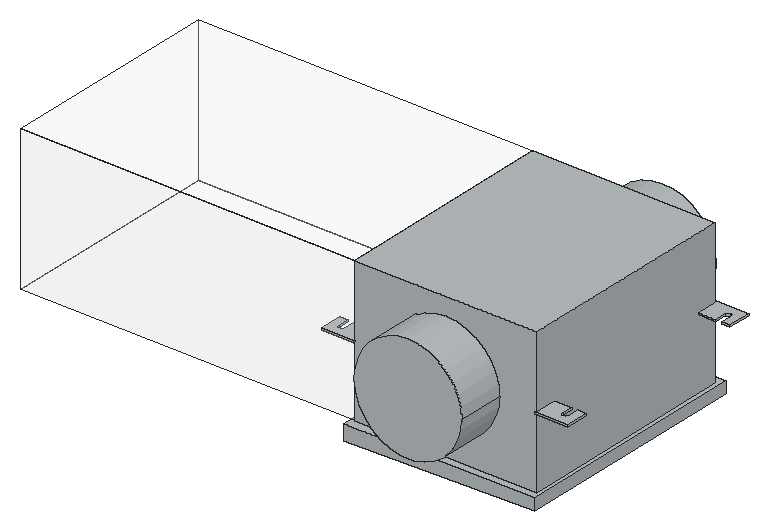
Revit family "8_天吊埋込タイプ 厨房用 単相100V_3相200V-60", category 機械設備, Revit 2019
Family settings
  丸型コネクタ寸法 = 直径を使用
  パーツ タイプ = 割り込み
  OmniClass 番号 = 23.75.35.17.24
  OmniClass タイトル = Axial Fans
  作業面ベース = いいえ
  常に垂直 = はい
  ロード時にボイドで切り取り = いいえ
  共有 = いいえ
  部屋計算ポイント = はい
Parameters (values of type "BFS-50SXA")
  騒音レベル(dB(A))_吸込 = 48
  騒音レベル(dB(A))_吐出 = 51.5
  騒音レベル(dB(A))_側面 = 31.5
  騒音レベル(dB(A)) = 51.5
  風量 [instance] = 設計風量  # 0.0 m³/h
  電源種別 [instance] = "一般"
  電圧 = 100 V
  電動機出力 = 55 W
  電動機_種別 [instance] = ""
  運転質量 = 0.00 kg
  連動 [instance] = ""
  質量 = if(製品質量 > 運転質量, 製品質量, 運転質量) * 1.2  # 14.40 kg
  負荷分類 = 3_ファン類
  説明 = "ストレートシロッコファン厨房用"
  設計風量 [instance] = 0.0 m³/h
  設置方法 = "天吊"
  記号 [instance] = ""
  製造元 = "三菱電機株式会社"
  製品質量 = 12.00 kg
  製品出荷対象 = "国内"
  製品リリース年月 = "2019年6月20日"
  製品グループ = ""
  系統 [instance] = ""
  符号 [instance] = if(☑給気／□排気, "FS", "FE")  # "FE"
  積算_科目 = "2 換気設備"
  積算_拾い区分 [instance] = ""
  相 = 1
  盤記号 [instance] = ""
  盤工事区分 = "電気工事"
  発停方法 [instance] = "別売スイッチ"
  番手 = "#1 1/4"
  特殊仕様 [instance] = ""
  火災停止 = ""
  消費電力 = 100 W
  法定耐用年数 = "15"
  機外静圧 [instance] = 0.0 Pa
  極数 = 2
  極 = 4
  材質 [instance] = ""
  本体マテリアル = SUS304
  操作・制御方式 = ""
  操作・制御スイッチ = ""
  排気量 [instance] = if(☑給気／□排気, 0.0 m³/h, 設計風量)  # 0.0 m³/h
  形式 = ""
  形名 = BFS-SXA : BFS-50SXA
  幹線記号 [instance] = ""
  対象室 [instance] = ""
  始動方式 [instance] = "直入"
  外気量 [instance] = if(☑給気／□排気, 設計風量, 0.0 m³/h)  # 0.0 m³/h
  呼称 = "消音ボックス付送風機"
  周波数 = 60 Hz
  天吊金具ピッチ幅 = 401 mm
  天吊金具ピッチ奥行 = 362 mm
  参照している仕様書等のバージョン = ""
  分類コード = "50052502100020"
  分類グループ = ""
  価格 = 141000
  企業コード = "108420"
  付属品_防振装置 = ""
  付属品 [instance] = ""
  仕様書バージョン = "Version1.0"
  モデル = "BFS-50SXA"
  ファンの種類 = "多翼形"
  ドレン管径 = 18 mm  # constant formula
  ダクト径 = 200 mm
  サービススペース = yes
  コメント [instance] = ""
  Keynote = ""
  ☑給気／□排気 [instance] = no
  Width = 325 mm
  Version = ""
  Uniclass2015Version = "Systems v1.9"
  Uniclass2015Title = "Centrifugal fans"
  Uniclass2015Code = "Pr_65_67_29_12"
  URL = "https://www.mitsubishielectric.co.jp/ldg/wink/ssl/displayProduct.do?pid=300937"
  SpecificationReference = ""
  SpecificationDescription = ""
  Revision = ""
  ProductInformation = ""
  OmniClassCode = "23-33 31 19 13 15"
  MIN風量 = 0.0 m³/h
  MIN静圧 = 0.0 Pa
  MID風量 = 0.0 m³/h
  MID静圧 = 0.0 Pa
  MAX風量 = 500.0 m³/h
  MAX静圧 = 207.0 Pa
  M = 85 mm
  IfcTypeProduct = ""
  IfcProduct = ""
  IfcExportType = "CENTRIFUGALFORWARDCURVED"
  IfcExportAs = "IfcFanType"
  Height = 258.4 mm
  Depth = 399 mm
  Clearance Top = 0 mm  # constant formula
  Clearance Right = 0 mm  # constant formula
  Clearance Left = 600 mm  # constant formula
  Clearance Front = 0 mm  # constant formula
  Clearance Bottom = 0 mm  # constant formula
  Clearance Back = 0 mm  # constant formula
  Author = "三菱電機株式会社"
Types (6, lengths in mm): name | 騒音レベル(dB(A))_吸込 | 騒音レベル(dB(A))_吐出 | 騒音レベル(dB(A))_側面 | 騒音レベル(dB(A)) | 電圧 | 電動機出力 | 質量 | 製品質量 | 相 | 番手 | 消費電力 | 極数 | 本体マテリアル | 形名 | 天吊金具ピッチ幅 | 天吊金具ピッチ奥行 | 価格 | モデル | ダクト径 | Width | URL | MAX風量 | MAX静圧 | Height | Depth
  BFS-50SXA | 48 | 51.5 | 31.5 | 51.5 | 100 V | 55 W | 14.40 kg | 12.00 kg | 1 | "#1 1/4" | 100 W | 2 | SUS304 | BFS-SXA : BFS-50SXA | 401 | 362 | 141000 | "BFS-50SXA" | 200 | 325 | "https://www.mitsubishielectric.co.jp/ldg/wink/ssl/displayProduct.do?pid=300937" | 500.0 m³/h | 207.0 Pa | 258.4 | 399
  BFS-80SXA | 50 | 56 | 34.5 | 56 | 100 V | 110 W | 17.40 kg | 14.50 kg | 1 | "#1 1/4" | 200 W | 2 | 溶融亜鉛めっき鋼板 | BFS-SXA : BFS-80SXA | 419 | 434 | 158000 | "BFS-80SXA" | 200 | 343 | "https://www.mitsubishielectric.co.jp/ldg/wink/ssl/displayProduct.do?pid=300939" | 800.0 m³/h | 212.0 Pa | 308.4 | 472
  BFS-100SXA | 55 | 60 | 38 | 60 | 100 V | 230 W | 21.60 kg | 18.00 kg | 1 | "#1 1/2" | 300 W | 2 | 溶融亜鉛めっき鋼板 | BFS-SXA : BFS-100SXA | 469 | 452 | 173000 | "BFS-100SXA" | 200 | 393 | "https://www.mitsubishielectric.co.jp/ldg/wink/ssl/displayProduct.do?pid=300929" | 1000.0 m³/h | 290.0 Pa | 308.4 | 490
  BFS-150SXA | 61.5 | 66.5 | 41.5 | 66.5 | 100 V | 330 W | 27.60 kg | 23.00 kg | 1 | "#1 1/2" | 520 W | 2 | 溶融亜鉛めっき鋼板 | BFS-SXA : BFS-150SXA | 452 | 504 | 197000 | "BFS-150SXA" | 250 | 376 | "https://www.mitsubishielectric.co.jp/ldg/wink/ssl/displayProduct.do?pid=300931" | 1500.0 m³/h | 335.0 Pa | 353.4 | 542
  BFS-150TXA | 62 | 66.5 | 40 | 66.5 | 200 V | 440 W | 27.60 kg | 23.00 kg | 3 | "#1 1/2" | 480 W | 3 | 溶融亜鉛めっき鋼板 | BFS-TXA : BFS-150TXA | 452 | 504 | 197000 | "BFS-150TXA" | 250 | 376 | "https://www.mitsubishielectric.co.jp/ldg/wink/ssl/displayProduct.do?pid=300933" | 1500.0 m³/h | 365.0 Pa | 353.4 | 542
  BFS-210TXA | 66 | 69.5 | 44 | 69.5 | 200 V | 530 W | 29.40 kg | 24.50 kg | 3 | "#1 1/2" | 700 W | 3 | 溶融亜鉛めっき鋼板 | BFS-TXA : BFS-210TXA | 502 | 534 | 278000 | "BFS-210TXA" | 300 | 426 | "https://www.mitsubishielectric.co.jp/ldg/wink/ssl/displayProduct.do?pid=300934" | 2100.0 m³/h | 383.0 Pa | 353.4 | 572
Reference planes
  plane 1 "中心(正面/背面)": y = 0
  plane 2: z = 0
  plane 3 "中心(左/右)": x = -128
  plane 4 "左": x = -290.5
  plane 5 "右": x = 34.5
  plane 6 "背面": y = 199.5
  plane 7 "正面": y = -199.5
  plane 8: z = 129.2
  plane 9: y = 181
  plane 10: y = -181
  plane 11: x = 72.5
  plane 12: x = -328.5
  plane 13: z = -129.2
  plane 14: y = 199.5
  plane 15: y = -199.5
  plane 16: x = 34.5
  plane 17: x = -890.5
  plane 18: z = 129.2
  plane 19: z = -129.2
Dimensions and locks
  "Width": plane 4 "左" to plane 5 "右"
  equal spacing: plane 7 "正面", plane 1 "中心(正面/背面)", plane 6 "背面"
  "Depth": plane 7 "正面" to plane 6 "背面"
  equal spacing: plane 8, level, plane 13
  "Height": plane 8 to plane 13
  equal spacing: plane 10, plane 1 "中心(正面/背面)", plane 9
  "天吊金具ピッチ奥行": plane 10 to plane 9
  "天吊金具ピッチ幅": plane 12 to plane 11
  "Clearance Back": plane 6 "背面" to plane 14
  "Clearance Front": plane 15 to plane 7 "正面"
  "Clearance Right": plane 5 "右" to plane 16
  "Clearance Left": plane 17 to plane 4 "左"
  "Clearance Top": plane 18 to plane 8
  "Clearance Bottom": plane 13 to plane 19
  equal spacing: plane 12, plane 3 "中心(左/右)", plane 11
  equal spacing: plane 4 "左", plane 3 "中心(左/右)", plane 5 "右"
  aligned and locked: level to plane 2
  aligned and locked: nested 2 to plane 9
  aligned and locked: plane 10 to nested 2
  aligned and locked: plane 12 to nested 2
  aligned and locked: plane 11 to nested 2
  aligned and locked: plane 8 to nested 1
  aligned and locked: plane 17 to nested 3
  aligned and locked: plane 15 to nested 3
  aligned and locked: plane 18 to nested 3
  aligned and locked: plane 19 to nested 3
  aligned and locked: plane 1 "中心(正面/背面)" to nested 1
  aligned and locked: nested 1 to plane 3 "中心(左/右)"
  aligned and locked: plane 14 to nested 3
  aligned and locked: plane 4 "左" to nested 3
Nested families
  nested 1: "BFS-SXA" at (-128, 0, -129.2) x (0, -1, 0) z (0, 0, 1), type <- "形名", type "BFS-50SXA"
  nested 2: "固定点" at (-328.5, -181, 0), type "固定点"
    with W 401 mm, D 362 mm
  nested 3: "サービススペース" at (-590.5, 0, 0), visible <- "サービススペース", type "サービススペース"
    with Width 600 mm, Height 258.4 mm, Depth 399 mm
Connectors
  hvac at (-128, -284.5, 1.2), driven by "ダクト径", driven by "機外静圧", driven by "風量"
    settings: on nested 1, index 2, duct flow 0.0 m³/h, flow factor 0, pres drop 0.0 Pa, loss coef 0, conn angle 0.00°, conn width 304.8 mm, conn height 304.8 mm, conn diameter 200 mm, duct sys type 29, conn prof type 0, flow config 0, flow direction 2, loss method 4, conn ref index -1, conn util no, is conn primary yes, conn desc "Out"
  hvac at (-128, 284.5, 1.2), driven by "ダクト径", driven by "機外静圧", driven by "風量"
    settings: on nested 1, index 3, duct flow 0.0 m³/h, flow factor 0, pres drop 0.0 Pa, loss coef 0, conn angle 0.00°, conn width 304.8 mm, conn height 304.8 mm, conn diameter 200 mm, duct sys type 29, conn prof type 0, flow config 0, flow direction 1, loss method 4, conn ref index -1, conn util no, is conn primary no, conn desc "In"
  piping at (-284, 0, -182.8), diameter 18, driven by "ドレン管径"
    settings: on nested 1, index 4, connector inside diameter 609.6 mm, connector length 0 mm, flow factor 0, pipe flow 0.0 L/s, pressure drop 0.0 Pa, fitting loss kfactor 0, connector angle 0.00°, fixture units 0, engagement length 0 mm, angle of deflection 0.00°, flow configuration 1, flow direction 2, fitting loss method 4, system type 16, joint type 0, gender type 0, connector reference index -1, connector utility 0, adjustable connector no, is connector primary yes, connector description ""
  electrical at (-341.6, -60.3, -40.8), driven by "極数", driven by "負荷分類", driven by "電圧", driven by "消費電力"
    settings: on nested 1, index 5, voltage 100 V, apparent load 100 VA, apparent load phase1 0 VA, apparent load phase2 0 VA, apparent load phase3 0 VA, power factor 1, load classification "3_ファン類", number of poles 2, system type 30, power factor state 1, is connector primary yes, connector utility no, sub classification motor no, connector description ""
Definition of nested family "BFS-SXA"
  Parameters (values of type "BFS-50SXA")
    端子カバー高 = 94.4 mm
    端子カバー手前位置 = 69.2 mm
    端子カバー幅 = 51.1 mm  # constant formula
    端子カバー奥行 = 140 mm  # constant formula
    端子カバー上位置 = 122.8 mm
    吊りボルト-φ = 11 mm
    吊りボルト-W2 = 41 mm
    吊りボルト-W1 = 362 mm
    吊りボルト-D2 = 441 mm
    吊りボルト-D1 = 401 mm
    マテリアル = none
    ダクト位置高 = 128 mm
    φ = 192 mm
    w1 = 428 mm
    d1 = 342 mm
    b = 280 mm
    a = 85 mm
    W = 399 mm
    H = 258.4 mm
    D = 325 mm
  Types (4, lengths in mm): name | 端子カバー高 | 端子カバー手前位置 | 端子カバー上位置 | 吊りボルト-W1 | 吊りボルト-D2 | 吊りボルト-D1 | ダクト位置高 | φ | w1 | d1 | W | H | D
    BFS-50SXA | 94.4 | 69.2 | 122.8 | 362 | 441 | 401 | 128 | 192 | 428 | 342 | 399 | 258.4 | 325
    BFS-80SXA | 90 | 71 | 152.4 | 434 | 459 | 419 | 153 | 192 | 501 | 360 | 472 | 308.4 | 343
    BFS-100SXA | 90 | 71.1 | 152.4 | 452 | 509 | 469 | 153 | 192 | 519 | 410 | 490 | 308.4 | 393
    BFS-150SXA | 90 | 88.2 | 60.5 | 504 | 492 | 452 | 175 | 242 | 571 | 393 | 542 | 353.4 | 376
  Reference planes
    plane 1 "中心(正面/背面)": y = 0
    plane 2: z = 0
    plane 3 "中心(左/右)": x = 0
    plane 4: y = 162.5
    plane 5: y = 200.5
    plane 6: y = 220.5
    plane 7: y = -162.5
    plane 8: y = -200.5
    plane 9: y = -220.5
    plane 10: x = -199.5
    plane 11: x = -181
    plane 12: x = -202.5
    plane 13: x = 199.5
    plane 14: x = 181
    plane 15: x = 202.5
    plane 16: z = 258.4
    plane 17: x = -149.7
    plane 18: x = 130.3
    plane 19: x = 284.5
    plane 20: x = -284.5
    plane 21: z = 130.4
    plane 22: z = 127.4
    plane 23: z = 89.4
    plane 24: x = -161.5
    plane 25: z = 112.4
    plane 26: x = 161.5
    plane 27: y = 165.5
    plane 28: x = -9.7
    plane 29: z = 135.6
    plane 30: z = 41.2
    plane 31: y = -213.6
    plane 32: y = 171
    plane 33: y = -171
    plane 34: x = -214
    plane 35: x = 214
    plane 36: z = -20
    plane 37: z = -28.6
    plane 38: z = -53.6
    plane 39: y = -156
  Forms (mm)
    Extrusion 1, solid, material <- "マテリアル", detail levels fine
      sketch origin (0, 0, 0) x (1, 0, 0) y (0, 1, 0)
        loop
          line (-199.5, 162.5) -> (-199.5, -162.5) -> (199.5, -162.5) -> (199.5, 162.5) -> (-199.5, 162.5)
      from 0 to 258.4
    Extrusion 2, solid, material <- "マテリアル", detail levels fine
      sketch origin (0, 0, 0) x (1, 0, 0) y (0, 1, 0)
        loop
          line (-202.5, -162.5) -> (-202.5, -220.5) -> (-161.5, -220.5) -> (-161.5, -206) -> (-181, -206)
          arc (-181, -206) -> (-186.5, -200.5) -> (-181, -195) r 5.5
          line (-181, -195) -> (-161.5, -195) -> (-161.5, -162.5) -> (-202.5, -162.5)
      from 127.4 to 130.4
    Extrusion 3, solid, material <- "マテリアル", detail levels fine
      sketch origin (0, 0, 0) x (1, 0, 0) y (0, 1, 0)
        loop
          line (-202.5, 162.5) -> (-161.5, 162.5) -> (-161.5, 195) -> (-181, 195)
          arc (-181, 195) -> (-186.5, 200.5) -> (-181, 206) r 5.5
          line (-181, 206) -> (-161.5, 206) -> (-161.5, 220.5) -> (-202.5, 220.5) -> (-202.5, 162.5)
      from 127.4 to 130.4
    Extrusion 4, solid, material <- "マテリアル", detail levels fine
      sketch origin (0, 0, 0) x (-1, 0, 0) y (0, -1, 0)
        loop
          line (-202.5, -162.5) -> (-202.5, -220.5) -> (-161.5, -220.5) -> (-161.5, -206) -> (-181, -206)
          arc (-181, -206) -> (-186.5, -200.5) -> (-181, -195) r 5.5
          line (-181, -195) -> (-161.5, -195) -> (-161.5, -162.5) -> (-202.5, -162.5)
      from 127.4 to 130.4
    Extrusion 5, solid, material <- "マテリアル", detail levels fine
      sketch origin (0, 0, 0) x (-1, 0, 0) y (0, -1, 0)
        loop
          line (-202.5, 162.5) -> (-161.5, 162.5) -> (-161.5, 195) -> (-181, 195)
          arc (-181, 195) -> (-186.5, 200.5) -> (-181, 206) r 5.5
          line (-181, 206) -> (-161.5, 206) -> (-161.5, 220.5) -> (-202.5, 220.5) -> (-202.5, 162.5)
      from 127.4 to 130.4
    Extrusion 6, solid, material <- "マテリアル", detail levels fine
      sketch origin (0, 0, 0) x (0, 1, 0) y (0, 0, 1)
        loop
          circle (0, 130.4) r 96
      from -199.5 to -284.5
    Extrusion 7, solid, material <- "マテリアル", detail levels fine
      sketch origin (0, 0, 0) x (0, 1, 0) y (0, 0, -1)
        loop
          circle (0, -130.4) r 96
      from -199.5 to -284.5
    Extrusion 8, solid, material <- "マテリアル", detail levels fine
      sketch origin (0, 0, 0) x (1, 0, 0) y (0, 0, 1)
        loop
          line (130.3, 135.6) -> (-9.7, 135.6) -> (-9.7, 41.2) -> (130.3, 41.2) -> (130.3, 135.6)
      from 162.5 to 213.6
    Extrusion 9, solid, material <- "マテリアル", detail levels fine
      sketch origin (0, 0, 0) x (0, 1, 0) y (0, 0, 1)
        loop
          line (-171, -28.6) -> (171, -20) -> (171, 0) -> (-171, 0) -> (-171, -28.6)
      from -214 to 214
    Extrusion 10, solid, material <- "マテリアル", detail levels fine
      sketch origin (0, 0, 0) x (1, 0, 0) y (0, 1, 0)
        loop
          circle (0, -156) r 9
      from -53.6 to -28.6
  Dimensions and locks
    plane 12 to plane 15 = 405 mm
    "吊りボルト-W1": plane 11 to plane 14
    "W": plane 10 to plane 13
    "吊りボルト-D2": plane 9 to plane 6
    "吊りボルト-D1": plane 8 to plane 5
    "D": plane 7 to plane 4
    equal spacing: plane 7, plane 1 "中心(正面/背面)", plane 4
    equal spacing: plane 10, plane 3 "中心(左/右)", plane 13
    "H": plane 16 to level
    locked: plane 13 to plane 15 at 3
    locked: plane 12 to plane 10 at 3
    locked: plane 21 to plane 22 at 3
    locked: plane 21 to plane 23 at 41
    "吊りボルト-W2": plane 12 to plane 24
    locked: plane 22 to plane 25 at 15
    "吊りボルト-W2": plane 26 to plane 15
    locked: plane 27 to plane 4 at 3
    "a": plane 20 to plane 10
    "a": plane 13 to plane 19
    "端子カバー手前位置": plane 13 to plane 18
    "b": plane 18 to plane 17
    "端子カバー奥行": plane 18 to plane 28
    "端子カバー高": plane 29 to plane 30
    "端子カバー幅": plane 31 to plane 7
    equal spacing: plane 33, plane 1 "中心(正面/背面)", plane 32
    "d1": plane 33 to plane 32
    "w1": plane 34 to plane 35
    equal spacing: plane 34, plane 3 "中心(左/右)", plane 35
    locked: level to plane 36 at 20
    locked: level to plane 37 at 28.6
    locked: plane 37 to plane 38 at 25
    plane 33 to plane 32 = 342 mm
    locked: plane 33 to plane 39 at 15
    equal spacing: plane 11, plane 3 "中心(左/右)", plane 14
    equal spacing: plane 9, plane 1 "中心(正面/背面)", plane 6
    equal spacing: plane 8, plane 1 "中心(正面/背面)", plane 5
    "端子カバー上位置": plane 16 to plane 29
    "ダクト位置高": plane 16 to plane 21
    "φ": diameter of Extrusion 6 sketch curve
    "φ": diameter of Extrusion 7 sketch curve
    radius of Extrusion 10 sketch curve = 9 mm
    aligned and locked: level to plane 2
    aligned and locked: plane 4 to Extrusion 1 sketch curve
    aligned and locked: plane 10 to Extrusion 1 sketch curve
    aligned and locked: Extrusion 1 sketch curve to plane 7
    aligned and locked: Extrusion 1 sketch curve to plane 13
    aligned and locked: plane 16 to Extrusion 1
    aligned and locked: plane 7 to Extrusion 2 sketch curve
    aligned and locked: plane 12 to Extrusion 2 sketch curve
    aligned and locked: Extrusion 2 sketch curve to plane 9
    aligned and locked: Extrusion 2 sketch curve to plane 24  (x2)
    aligned and locked: plane 11 to Extrusion 2 sketch curve
    aligned and locked: plane 8 to Extrusion 2 sketch curve
    aligned and locked: plane 21 to Extrusion 2
    aligned and locked: Extrusion 2 to plane 22
    aligned and locked: plane 24 to Extrusion 3 sketch curve  (x2)
    aligned and locked: plane 5 to Extrusion 3 sketch curve
    aligned and locked: plane 11 to Extrusion 3 sketch curve
    aligned and locked: Extrusion 3 sketch curve to plane 6
    aligned and locked: Extrusion 3 sketch curve to plane 12
    aligned and locked: plane 4 to Extrusion 3 sketch curve
    aligned and locked: plane 21 to Extrusion 3
    aligned and locked: Extrusion 3 to plane 22
    aligned and locked: Extrusion 4 to plane 6
    aligned and locked: plane 15 to Extrusion 4
    aligned and locked: Extrusion 4 to plane 26
    aligned and locked: plane 26 to Extrusion 4 sketch curve  (x2)
    aligned and locked: plane 6 to Extrusion 4 sketch curve
    aligned and locked: Extrusion 4 sketch curve to plane 15
    aligned and locked: plane 5 to Extrusion 4 sketch curve
    aligned and locked: plane 14 to Extrusion 4 sketch curve
    aligned and locked: Extrusion 4 sketch curve to plane 4
    aligned and locked: Extrusion 4 to plane 22
    aligned and locked: plane 21 to Extrusion 4
    aligned and locked: plane 9 to Extrusion 5 sketch curve
    aligned and locked: plane 15 to Extrusion 5 sketch curve
    aligned and locked: Extrusion 5 sketch curve to plane 7
    aligned and locked: Extrusion 5 sketch curve to plane 26  (x2)
    aligned and locked: plane 14 to Extrusion 5 sketch curve
    aligned and locked: plane 8 to Extrusion 5 sketch curve
    aligned and locked: Extrusion 5 to plane 22
    aligned and locked: plane 21 to Extrusion 5
    aligned and locked: plane 1 "中心(正面/背面)" to Extrusion 6 sketch curve
    aligned and locked: plane 21 to Extrusion 6 sketch curve
    aligned and locked: Extrusion 6 to plane 20
    aligned and locked: plane 21 to Extrusion 7 sketch curve
    aligned and locked: plane 1 "中心(正面/背面)" to Extrusion 7 sketch curve
    aligned and locked: plane 19 to Extrusion 7
    aligned and locked: plane 29 to Extrusion 8 sketch curve
    aligned and locked: plane 18 to Extrusion 8 sketch curve
    aligned and locked: Extrusion 8 sketch curve to plane 30
    aligned and locked: Extrusion 8 sketch curve to plane 28
    aligned and locked: Extrusion 8 to plane 7
    aligned and locked: Extrusion 9 sketch curve to plane 33
    aligned and locked: Extrusion 9 sketch curve to level
    aligned and locked: Extrusion 9 sketch curve to plane 32
    aligned and locked: plane 35 to Extrusion 9
    aligned and locked: Extrusion 9 to plane 34
    aligned and locked: plane 39 to Extrusion 10 sketch curve
    aligned and locked: plane 3 "中心(左/右)" to Extrusion 10 sketch curve
    aligned and locked: Extrusion 10 to plane 38
    aligned and locked: plane 31 to Extrusion 8
    aligned and locked: Extrusion 7 to plane 13
    aligned and locked: plane 10 to Extrusion 6
    aligned and locked: plane 37 to Extrusion 10
  Automatic sketch dimensions
    Extrusion 2 sketch curve to plane 11 = 0 mm
    plane 8 to Extrusion 2 sketch curve = 5.5 mm
    Extrusion 3 sketch curve to plane 11 = 0 mm
    plane 5 to Extrusion 3 sketch curve = 5.5 mm
    Extrusion 4 sketch curve to plane 14 = 0 mm
    Extrusion 4 sketch curve to plane 5 = 5.5 mm
    Extrusion 5 sketch curve to plane 14 = 0 mm
    Extrusion 5 sketch curve to plane 8 = 5.5 mm
    Extrusion 9 sketch curve to plane 37 = 0 mm
    Extrusion 9 sketch curve to plane 36 = 0 mm
Definition of nested family "サービススペース"
  Parameters (values of type "サービススペース")
    Width [instance] = 500 mm
    Height [instance] = 500 mm
    Depth [instance] = 500 mm
  Reference planes
    plane 1 "中心(正面/背面)": y = 0
    plane 2: z = 0
    plane 3 "中心(左/右)": x = 0
    plane 4: y = -250
    plane 5: x = 250
    plane 6: y = 250
    plane 7: x = -250
    plane 8: z = 250
    plane 9: z = -250
  Forms (mm)
    Extrusion 1, solid
      sketch origin (-638.939, 0, 72.39) x (1, 0, 0) y (0, 1, 0)
        loop
          line (388.939, 250) -> (388.939, -250) -> (888.939, -250) -> (888.939, 250) -> (388.939, 250)
      from -322.39 to 177.61
  Lines and regions (mm)
    symbolic lines
      curve 1: line (-250, 0, 250) -> (250, 0, 250)
      curve 2: line (-250, 0, -250) -> (-250, 0, 250)
      curve 3: line (250, 0, -250) -> (-250, 0, -250)
      curve 4: line (250, 0, 250) -> (250, 0, -250)
      curve 5: line (0, -250, 250) -> (0, 250, 250)
      curve 6: line (0, -250, -250) -> (0, -250, 250)
      curve 7: line (0, 250, -250) -> (0, -250, -250)
      curve 8: line (0, 250, 250) -> (0, 250, -250)
      curve 9: line (-250, 250, 0) -> (250, 250, 0)
      curve 10: line (-250, -250, 0) -> (-250, 250, 0)
      curve 11: line (250, -250, 0) -> (-250, -250, 0)
      curve 12: line (250, 250, 0) -> (250, -250, 0)
  Dimensions and locks
    equal spacing: plane 7, plane 3 "中心(左/右)", plane 5
    equal spacing: plane 4, plane 1 "中心(正面/背面)", plane 6
    "Depth": plane 4 to plane 6
    "Width": plane 7 to plane 5
    equal spacing: plane 8, plane 2, plane 9
    "Height": plane 8 to plane 9
    aligned and locked: plane 9 to curve 3
    aligned and locked: plane 7 to curve 2
    aligned and locked: curve 4 to plane 5
    aligned and locked: plane 5 to Extrusion 1
    aligned and locked: Extrusion 1 to plane 7
    aligned and locked: Extrusion 1 to plane 9
    aligned and locked: plane 8 to Extrusion 1
    aligned and locked: plane 9 to curve 7
  Automatic sketch dimensions
    plane 4 to Extrusion 1 sketch curve = 0 mm
    Extrusion 1 sketch curve to plane 7 = 0 mm
    Extrusion 1 sketch curve to plane 5 = 0 mm
    plane 6 to Extrusion 1 sketch curve = 0 mm
    curve 2 to plane 8 = 0 mm
    plane 4 to curve 11 = 0 mm
    curve 11 to plane 7 = 0 mm
    curve 11 to plane 5 = 0 mm
    plane 6 to curve 10 = 0 mm
    curve 7 to plane 4 = 0 mm
    curve 7 to plane 6 = 0 mm
    curve 6 to plane 8 = 0 mm
Definition of nested family "固定点"
  Parameters (values of type "固定点")
    中心円 = 11 mm
    W [instance] = 1000 mm
    D [instance] = 1000 mm
  Reference planes
    plane 1 "中心(正面/背面)": y = 0
    plane 2: z = 0
    plane 3 "中心(左/右)": x = 0
    plane 4: x = 1000
    plane 5: y = 1000
  Lines and regions (mm)
    symbolic lines, detail levels fine
      curve 1: circle (0, 1000, 0) r 5.5 normal (0, 0, 1)
      curve 2: circle (0, 0, 0) r 5.5 normal (0, 0, 1)
      curve 3: circle (1000, 1000, 0) r 5.5 normal (0, 0, 1)
      curve 4: circle (1000, 0, 0) r 5.5 normal (0, 0, 1)
      curve 5: line (-200, 1000, 0) -> (1200, 1000, 0)
      curve 6: line (-200, 0, 0) -> (1200, 0, 0)
      curve 7: line (0, 1200, 0) -> (0, -200, 0)
      curve 8: line (1000, 1200, 0) -> (1000, -200, 0)
  Dimensions and locks
    "W": plane 3 "中心(左/右)" to plane 4
    "D": plane 1 "中心(正面/背面)" to plane 5
    "中心円": diameter of curve 1
    "中心円": diameter of curve 2
    "中心円": diameter of curve 3
    "中心円": diameter of curve 4
    aligned and locked: level to plane 2
    aligned and locked: plane 5 to curve 1
    aligned and locked: plane 3 "中心(左/右)" to curve 1
    aligned and locked: plane 3 "中心(左/右)" to curve 2
    aligned and locked: plane 1 "中心(正面/背面)" to curve 2
    aligned and locked: plane 4 to curve 3
    aligned and locked: plane 5 to curve 3
    aligned and locked: plane 1 "中心(正面/背面)" to curve 4
    aligned and locked: plane 4 to curve 4
    aligned and locked: plane 1 "中心(正面/背面)" to curve 6
    aligned and locked: curve 7 to plane 3 "中心(左/右)"
    aligned and locked: curve 8 to plane 4
  Automatic sketch dimensions
    curve 5 to plane 5 = 0 mm
    curve 6 to plane 3 "中心(左/右)" = 200 mm
    curve 5 to plane 3 "中心(左/右)" = 200 mm
    curve 4 to curve 6 = 200 mm
    curve 3 to curve 5 = 200 mm
    plane 1 "中心(正面/背面)" to curve 8 = 200 mm
    plane 1 "中心(正面/背面)" to curve 7 = 200 mm
    curve 3 to curve 8 = 200 mm
    curve 1 to curve 7 = 200 mm
